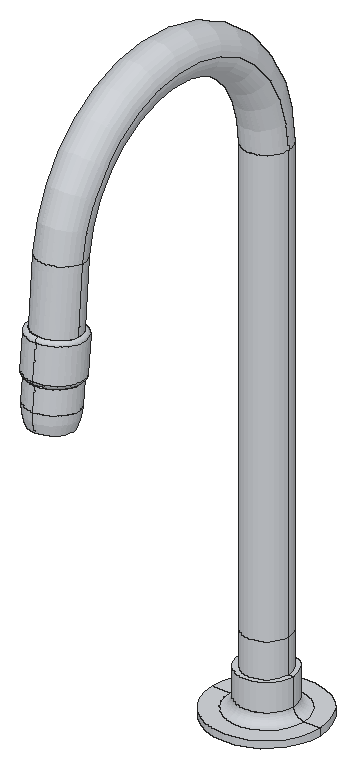
Revit family "Faucet-Spout-Lavatory-KOHLER-K-13770_1", category Plumbing Fixtures, host Face, Revit 2017
Family settings
  Host = Face
  Round Connector Dimension = Use Diameter
  Part Type = Normal
  OmniClass Number = 23.31.11.00
  OmniClass Title = Faucets
  Cut with Voids When Loaded = No
  Shared = No
  Room Calculation Point = No
Parameters (values of type "CP-Polished Chrome")
  Width = 2"  # constant formula
  WaterSense Certified = 1 = 0  # no
  Waste Water Outlet = "Waste Water Outlet"  # constant formula
  Waste Connection = 1 = 0  # no
  Vent Connection = 1 = 0  # no
  URL = "https://www.us.kohler.com/us/"
  Type = 1
  Spout Reach = 5"  # constant formula
  Product Page URL = "http://www.us.kohler.com/us/catalog/productDetails.jsp?productId=13770"
  Product Name = ""
  Product Documentation Link = "https://www.us.kohler.com/webassets/kpna/catalog/pdf/en/K-13770_spec_US-CA_Kohler_en.pdf"
  Pressure = 60.00 psi  # constant formula
  Model = "K-13770-CP"  # constant formula
  Material = "Brass Construction"  # constant formula
  Master Format 2014 Name = "Residential Faucets, Supplies, and Trim"  # constant formula
  Master Format 2014 = "22 41 39"  # constant formula
  Manufacturer Address = "444 Highland Dr, Kohler, WI 53044"  # constant formula
  Manufacturer = "KOHLER Co."  # constant formula
  Length = Spout Reach  # 5"
  Tempered Water Inlet = "Tempered Water Inlet"  # constant formula
  Height = 12 5/16"  # constant formula
  HW Connection = 1 = 1  # yes
  Flow Rate = 2.2 GPM  # constant formula
  Finish = Kohler-Metal-CP-Polished_Chrome
  Environmental Product Declaration = ""
  Drain Included = 1 = 0  # no
  Description = "Bathroom sink gooseneck spout with aerator"  # constant formula
  Default Elevation = 36"
  Declare Label = ""
  Date Modified = "08/12/2021"  # constant formula
  Date Created = "08/12/2021"  # constant formula
  Copyright = "Copyright KOHLER Co."  # constant formula
  Contact Us = "https://www.us.kohler.com/us/static/contact.jsp"
  Cold Water Inlet = "Cold Water Inlet"  # constant formula
  CW Connection = 1 = 0  # no
  Assembly Code = "D2010"
  ADA Compliant = 1 = 0  # no
Reference planes (in)
  plane 1 "Center (Front/Back)": y = 0
  plane 2: z = 0
  plane 3 "Center (Left/Right)": x = 0
  plane 4: y = 1
  plane 5: x = -1
  plane 6: x = 1
  plane 7: y = -1
  plane 8: y = -5
  plane 9: z = 7
  plane 10: z = 12.3125
  plane 11: x = -0.40629
  plane 12: x = 0.40629
  plane 13: y = -5.42283
  plane 14: y = 0.40629
  plane 15: y = -0.40629
Dimensions and locks (in)
  "Spout Reach": plane 1 "Center (Front/Back)" to plane 8
  "Height": level to plane 10
  "Width": plane 5 to plane 6
  "Length": plane 8 to plane 1 "Center (Front/Back)"
  level to plane 9 = 7"
  aligned and locked: plane 2 to host face
  aligned and locked: level to host face
Automatic sketch dimensions
  host sketch curve to host sketch curve = 96"  (x2)
Nested families (in)
  nested 1: "K-13770" at (0, 0, 0), type "K-13770"
Connectors (in)
  piping at (0, 0, 0), diameter 0.5, driven by "Flow Rate", driven by "Pressure", driven by "HW Connection", driven by "Tempered Water Inlet"
    settings: on nested 1, index 1, connector inside diameter 24", connector length 0", flow factor 0, pipe flow 2.2 GPM, pressure drop 60.00 psi, fitting loss kfactor 0, connector angle 0.00°, fixture units 0, engagement length 0", angle of deflection 0.00°, flow configuration 1, flow direction 1, fitting loss method 4, system type 19, joint type 0, gender type 0, connector reference index -1, connector utility 1, adjustable connector no, is connector primary yes, connector description "Tempered Water Inlet"
Definition of nested family "K-13770"
  Parameters (values of type "K-13770")
    Material = none
  Reference planes (in)
    plane 1 "Center (Front/Back)": y = 0
    plane 2: z = 0
    plane 3 "Center (Left/Right)": x = 0
    plane 4: z = 12.3125
    plane 5: y = -5
    plane 6: z = 7
    plane 7: y = 1
    plane 8: y = -1
    plane 9: x = -1
    plane 10: x = 1
  Forms (in)
    Revolve 1, solid, material <- "Material", detail levels medium+fine
      sketch origin (0, 0, 0) x (1, 0, 0) y (0, 0, 1)
        loop
          line (0, 1.44291) -> (-0.40629, 1.44291) -> (-0.40629, 0.8125) -> (-0.50013, 0.8125) -> (-0.50013, 0.31014)
          arc (-0.50013, 0.31014) -> (-0.55436, 0.17923) -> (-0.68528, 0.125) r 0.18514
          line (-0.68528, 0.125) -> (-1, 0.125) -> (-1, 0) -> (0, 0) -> (0, 1.44291)
        axis (0, 1.44291) -> (0, 0)
      angle from 0 to 360
    Revolve 2, solid, material <- "Material", detail levels medium+fine
      sketch origin (0, 0.19352, 0) x (0, 1, 0) y (0, 0, 1)
        loop
          line (-5.19352, 7.02223) -> (-4.80996, 6.98868)
          arc (-4.80996, 6.98868) -> (-4.74675, 7.153) -> (-4.71513, 7.3262) r 0.94471
          line (-4.71513, 7.3262) -> (-4.6778, 7.75289)
          arc (-4.6778, 7.75289) -> (-4.68216, 7.7675) -> (-4.69534, 7.77516) r 0.0207
          arc (-4.69534, 7.77516) -> (-4.65168, 7.78148) -> (-4.62924, 7.81946) r 0.05107
          line (-4.62924, 7.81946) -> (-4.57391, 8.45189)
          arc (-4.57391, 8.45189) -> (-4.58898, 8.49969) -> (-4.63344, 8.52283) r 0.06549
          line (-4.63344, 8.52283) -> (-5.05898, 8.56006) -> (-5.19352, 7.02223)
        axis (-5.05898, 8.56006) -> (-5.19352, 7.02223)
      angle from 0 to 360
    Sweep 3, solid, material <- "Material", detail levels medium+fine
      path origin (0, 0, 0) x (0, 1, 0) y (0, 0, 1)
        loop
          line (0, 1.44291) -> (0, 9.52641)
          arc (0, 9.52641) -> (-2.28211, 11.91033) -> (-4.7633, 9.73438) r 2.38619
          line (-4.7633, 9.73438) -> (-4.86603, 8.56011)
      profile origin (0, 0, 1.44291) x (0, -1, 0) y (1, 0, 0)
        loop
          circle (0, 0) r 0.40629
    Revolve 4, solid, material <- "Material", detail levels coarse
      sketch origin (0, 0, 0) x (0, 1, 0) y (0, 0, 1)
        loop
          line (0, 0.8125) -> (0, 0) -> (1, 0) -> (1, 0.125) -> (0.67072, 0.125) -> (0.67072, 0.8125) -> (0, 0.8125)
        axis (0, 0.8125) -> (0, 0)
      angle from 0 to 360
    Sweep 5, solid, material <- "Material", detail levels coarse
      path origin (0, 0, 0) x (0, 1, 0) y (0, 0, 1)
        loop
          line (-5, 7.02223) -> (-4.75386, 9.82023)
          arc (-4.75386, 9.82023) -> (-2.27706, 11.99075) -> (0, 9.61154) r 2.38151
          line (0, 9.61154) -> (0, 0.8125)
      profile origin (0, 0, 5.21202) x (1, 0, 0) y (0, 1, 0)
        loop
          circle (0, 0) r 0.5
  Cuts and joins
    joined: Revolve 1, Revolve 2, Sweep 3
    joined: Revolve 4, Sweep 5
  Lines and regions (in)
    Masking region 1
      outline origin (0, 0, 0) x (0, 1, 0) y (0, 0, 1)
        loop
          line (-0.40629, 0.8125) -> (-0.50013, 0.8125) -> (-0.50013, 0.31014)
          arc (-0.50013, 0.31014) -> (-0.55436, 0.17923) -> (-0.68528, 0.125) r 0.18514
          line (-0.68528, 0.125) -> (-1, 0.125) -> (-1, 0) -> (0, 0) -> (1, 0) -> (1, 0.125) -> (0.68528, 0.125)
          arc (0.68528, 0.125) -> (0.55436, 0.17923) -> (0.50013, 0.31014) r 0.18514
          line (0.50013, 0.31014) -> (0.50013, 0.8125) -> (0.40629, 0.8125) -> (0.40629, 9.51966)
          arc (0.40629, 9.51966) -> (-2.26467, 12.30978) -> (-5.16863, 9.76307) r 2.79277
          line (-5.16863, 9.76307) -> (-5.27106, 8.59231)
          arc (-5.27106, 8.59231) -> (-5.33041, 8.5882) -> (-5.36194, 8.53776) r 0.06549
          line (-5.36194, 8.53776) -> (-5.41726, 7.90548)
          arc (-5.41726, 7.90548) -> (-5.40129, 7.86357) -> (-5.35849, 7.85015) r 0.05141
          arc (-5.35849, 7.85015) -> (-5.37359, 7.84576) -> (-5.38096, 7.83187) r 0.02018
          line (-5.38096, 7.83187) -> (-5.41833, 7.40465)
          arc (-5.41833, 7.40465) -> (-5.41727, 7.22859) -> (-5.38355, 7.05579) r 0.94471
          line (-5.38355, 7.05579) -> (-5, 7.02223) -> (-4.61645, 6.98868)
          arc (-4.61645, 6.98868) -> (-4.55324, 7.153) -> (-4.52162, 7.3262) r 0.94471
          line (-4.52162, 7.3262) -> (-4.48424, 7.75342)
          arc (-4.48424, 7.75342) -> (-4.48908, 7.76838) -> (-4.50319, 7.77532) r 0.02018
          arc (-4.50319, 7.77532) -> (-4.45871, 7.78111) -> (-4.43571, 7.81961) r 0.05141
          line (-4.43571, 7.81961) -> (-4.38039, 8.45189)
          arc (-4.38039, 8.45189) -> (-4.40315, 8.50744) -> (-4.46161, 8.5211) r 0.06549
          line (-4.46161, 8.5211) -> (-4.35868, 9.69757)
          arc (-4.35868, 9.69757) -> (-2.29989, 11.50308) -> (-0.40629, 9.52501) r 1.97996
          line (-0.40629, 9.52501) -> (-0.40629, 0.8125)
    Masking region 2
      outline origin (0, 0, 0) x (1, 0, 0) y (0, 0, 1)
        loop
          line (0.40629, 0.8125) -> (0.40629, 7.08103)
          arc (0.40629, 7.08103) -> (0.43909, 7.2192) -> (0.45011, 7.36077) r 0.91477
          line (0.45011, 7.36077) -> (0.45011, 7.80646)
          arc (0.45011, 7.80646) -> (0.48098, 7.82984) -> (0.49271, 7.86674) r 0.06395
          line (0.49271, 7.86674) -> (0.49271, 8.49236)
          arc (0.49271, 8.49236) -> (0.46646, 8.54898) -> (0.40629, 8.56555) r 0.0742
          line (0.40629, 8.56555) -> (0.40629, 11.90661)
          arc (0.40629, 11.90661) -> (0, 12.31289) -> (-0.40629, 11.90661) r 0.40629
          line (-0.40629, 11.90661) -> (-0.40629, 8.56555)
          arc (-0.40629, 8.56555) -> (-0.46646, 8.54898) -> (-0.49271, 8.49236) r 0.0742
          line (-0.49271, 8.49236) -> (-0.49271, 7.86674)
          arc (-0.49271, 7.86674) -> (-0.48098, 7.82984) -> (-0.45011, 7.80646) r 0.06395
          line (-0.45011, 7.80646) -> (-0.45011, 7.36077)
          arc (-0.45011, 7.36077) -> (-0.43909, 7.2192) -> (-0.40629, 7.08103) r 0.91477
          line (-0.40629, 7.08103) -> (-0.40629, 0.8125) -> (-0.50013, 0.8125) -> (-0.50013, 0.31014)
          arc (-0.50013, 0.31014) -> (-0.55436, 0.17923) -> (-0.68528, 0.125) r 0.18514
          line (-0.68528, 0.125) -> (-1, 0.125) -> (-1, 0) -> (0, 0) -> (1, 0) -> (1, 0.125) -> (0.68528, 0.125)
          arc (0.68528, 0.125) -> (0.55436, 0.17923) -> (0.50013, 0.31014) r 0.18514
          line (0.50013, 0.31014) -> (0.50013, 0.8125) -> (0.40629, 0.8125)
    Masking region 3
      outline origin (0, 0, 0) x (1, 0, 0) y (0, 1, 0)
        loop
          arc (1, 0) -> (0, 1) -> (-1, 0) r 1
          arc (-1, 0) -> (-0.83854, -0.54484) -> (-0.40629, -0.91374) r 1
          line (-0.40629, -0.91374) -> (-0.40629, -4.5946)
          arc (-0.40629, -4.5946) -> (-0.47942, -4.75477) -> (-0.49318, -4.93031) r 0.50555
          arc (-0.49318, -4.93031) -> (-0.00723, -5.4228) -> (0.49173, -4.94348) r 0.49254
          arc (0.49173, -4.94348) -> (0.48104, -4.76119) -> (0.40629, -4.5946) r 0.50555
          line (0.40629, -4.5946) -> (0.40629, -0.91374)
          arc (0.40629, -0.91374) -> (0.83854, -0.54484) -> (1, 0) r 1
    symbolic lines, detail levels medium+fine
      curve 1: line (0, 0.68528, 0.125) -> (0, -0.68528, 0.125)
      curve 2: line (0, 0.40629, 0.8125) -> (0, -0.40629, 0.8125)
      curve 3: line (0, -4.50319, 7.77532) -> (0, -5.35849, 7.85015)
      curve 4: line (0, -4.46161, 8.5211) -> (0, -5.27106, 8.59231)
      curve 5: line (-0.68528, 0, 0.125) -> (0.68528, 0, 0.125)
      curve 6: line (-0.40629, 0, 0.8125) -> (0.40629, 0, 0.8125)
      curve 7: arc (-0.40629, 0, 8.56555) -> (0, 0, 8.60741) -> (0.40629, 0, 8.56555) r 1.9926
      curve 8: spline (0, 0, 6.98868) -> (-0.09965, 0, 6.98982) -> (-0.19251, 0, 6.99317) -> (-0.27225, 0, 6.9985) -> (-0.33344, 0, 7.00545) -> (-0.3719, 0, 7.01355) -> (-0.38502, 0, 7.02223) -> (-0.3719, 0, 7.03092) -> (-0.33344, 0, 7.03901) -> (-0.27225, 0, 7.04596) -> (-0.19251, 0, 7.05129) -> (-0.09965, 0, 7.05465) -> (0, 0, 7.05579)
      curve 9: spline (0, 0, 7.05579) -> (0.09965, 0, 7.05465) -> (0.19251, 0, 7.05129) -> (0.27225, 0, 7.04596) -> (0.33344, 0, 7.03901) -> (0.3719, 0, 7.03092) -> (0.38502, 0, 7.02223) -> (0.3719, 0, 7.01355) -> (0.33344, 0, 7.00545) -> (0.27225, 0, 6.9985) -> (0.19251, 0, 6.99317) -> (0.09965, 0, 6.98982) -> (0, 0, 6.98868)
      curve 10: line (0.38502, 0, 7.02223) -> (0.40629, 0, 7.08103)
      curve 11: line (-0.38502, 0, 7.02223) -> (-0.40629, 0, 7.08103)
      curve 12: arc (-0.45011, 0, 7.80646) -> (0, 0, 7.85015) -> (0.45011, 0, 7.80646) r 2.34041
      curve 13: arc (-0.50013, 0, 0) -> (0, 0.50013, 0) -> (0.50013, 0, 0) r 0.50013
      curve 14: arc (0.50013, 0, 0) -> (0.47609, -0.15319, 0) -> (0.40629, -0.29165, 0) r 0.50013
      curve 15: arc (-0.40629, 0, 0) -> (0, 0.40629, 0) -> (0.40629, 0, 0) r 0.40629
      curve 16: line (-0.40629, 0, 0) -> (-0.40629, -0.91374, 0)
      curve 17: line (0.40629, 0, 0) -> (0.40629, -0.91374, 0)
      curve 18: arc (-0.40629, -0.29165, 0) -> (-0.47609, -0.15319, 0) -> (-0.50013, 0, 0) r 0.50013
      curve 19: line (-0.40629, -4.5946, 0) -> (-0.40629, -4.86663, 0)
      curve 20: line (0.40629, -4.5946, 0) -> (0.40629, -4.86663, 0)
      curve 21: arc (-0.40629, -4.86663, 0) -> (0, -5.27292, 0) -> (0.40629, -4.86663, 0) r 0.40629
  Dimensions and locks (in)
    plane 4 to level = 12 5/16"
    plane 1 "Center (Front/Back)" to plane 5 = 5"
    plane 6 to level = 7"
    plane 7 to plane 1 "Center (Front/Back)" = 1"
    plane 9 to plane 3 "Center (Left/Right)" = 1"
    aligned and locked: plane 2 to level
